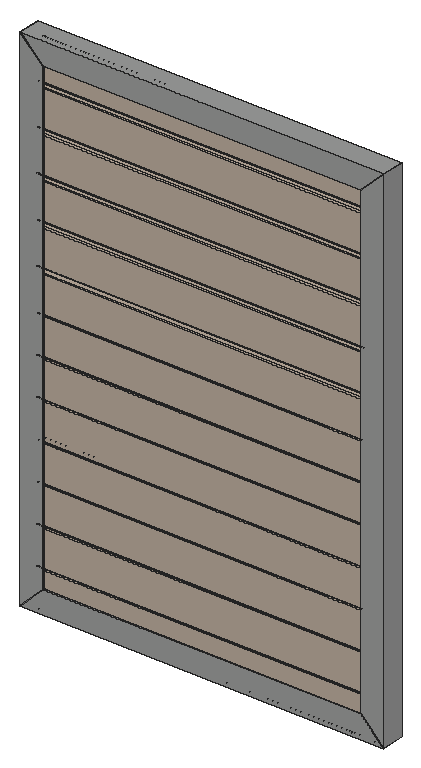
Revit family "PLAYSAFE_ALUMINUM_PLANK_SEMI-PRIVATE_PANEL", category Specialty Equipment, Revit 2026
Family settings
  Round Connector Dimension = Use Diameter
  Part Type = Normal
  Classification Number = 23.55.00.00
  Work Plane-Based = No
  Enable Cutting in Views = No
  Always vertical = No
  Cut with Voids When Loaded = No
  Maintain Annotation Orientation = No
  Shared = No
  Room Calculation Point = No
Parameters (values of type "Assembly")
  Width [instance] = if(Desired Overall Width < 4' 0", 4' 0", if(Desired Overall Width > 5' 0", 5' 0", Desired Overall Width))  # 4' - 0"
  Warranty URL = "https://palmshieldlouvers.com/wp-content/uploads/2020/01/PalmSHIELD-Warranty-NO-SIGN-LINE.pdf"
  Version = "2020 - v1.0a"  # constant formula
  URL = "https://palmshieldlouvers.com/"
  Product Page URL = "https://palmshieldlouvers.com/products/playsafe-semi-private/"
  Product Documentation Link = "https://palmshieldlouvers.com/wp-content/uploads/2022/05/PalmSHIELD-PlaySAFE-Semi-Private-Aluminum-Architectural-Screening-Specifications.doc"
  Offset From Surface = 0' - 2"  # constant formula
  Model = "Playsafe Semi Private - Aluminum"  # constant formula
  Frame Thickness [instance] = 0' - 0 1/4"  # constant formula
  Frame Finish = Metal - PalmSHIELD - Dusty Grey
  Manufacturer Phone Number = "531-329-4406 "  # constant formula
  Manufacturer Email = "mailto: info@palmshieldlouvers.com"
  Manufacturer Address = "12330 Cary Circle, La Vista, NE 68128"  # constant formula
  Manufacturer = "PalmSHIELD"  # constant formula
  Panel Finish = Metal - PalmSHIELD - Grey Beige
  Keynote = "05 10 00"
  Instruction Sheet Link = "https://palmshieldlouvers.com/wp-content/uploads/2020/01/PalmSHIELD-Post-Panel-Gate-Installation-Instructions-REV-1.pdf"
  ID [instance] = "Not Assigned"
  Height [instance] = if(C Prelim Height < C Min Height Calculated, C Min Height Calculated, if(C Prelim Height > C Max Height Calculated, C Max Height Calculated, if(C Prelim Height > 12' 0", 12' 0", C Prelim Height)))  # 5' - 10"
  Desired Overall Width [instance] = 4' - 0"
  Desired Overall Height [instance] = 6' - 0"
  Desired Bottom Angle [instance] = 0.00°
  Description = "Playsafe Semi Private - Aluminum - Panel Assembly"  # constant formula
  Default Elevation = 0' - 0"
  Copyright = "Copyright ©2024 The American Fence Company and PalmSHIELD. All Rights Reserved."  # constant formula
  Component Vis [instance] = yes
  Component Name [instance] = "Playsafe Semi Private - Aluminum - Panel Assembly"  # constant formula
  C Solid Infill Real Height [instance] = Frame Thickness + C Solid Infill Add Height + Offset From Surface + C Solid Infill Count * C Louver Height  # 3' - 1 1/4"
  C Solid Infill Minimum Height [instance] = 3' 0" - C Louver Height  # 2' - 7"
  C Solid Infill Height [instance] = C Louver Height * rounddown(((C Solid Infill Minimum Height - Offset From Surface) / C Louver Height))  # 2' - 1"
  C Solid Infill Count [instance] = if(C Solid Infill Height < C Solid Infill Minimum Height - Offset From Surface, ((C Solid Infill Minimum Height - Offset From Surface) / C Louver Height) + 1, ((C Solid Infill Minimum Height - Offset From Surface) / C Louver Height))  # 7
  C Solid Infill Add Height [instance] = if(C Hip * sin(C Slope Angle) < 0' 0", 0' 0", C Hip * sin(C Slope Angle))  # 0' - 0"
  C Slope Angle [instance] = if(Desired Bottom Angle > 10.00°, 10.00°, if(Desired Bottom Angle < -10.00°, -10.00°, Desired Bottom Angle))  # 0.00°
  C Prelim Height [instance] = if(Desired Overall Height < 4' 0", 4' 0", if(Desired Overall Height > 12' 0", 12' 0", Desired Overall Height))  # 6' - 0"
  C Min Width [instance] = 4' - 0"  # constant formula
  C Min Height Calculated [instance] = C Solid Infill Real Height + C Louver Count Final * C Louver Height + Frame Thickness  # 5' - 7 1/2"
  C Min Height [instance] = C Min Width  # 4' - 0"
  C Max Width [instance] = 5' - 0"  # constant formula
  C Max Height Calculated [instance] = C Solid Infill Real Height + C Louver Count Final * C Louver Height + Frame Thickness + (C Louver Count Final - 1) * C Louver Separation  # 5' - 10"
  C Max Height [instance] = 10' - 0"  # constant formula
  C Louver Separation [instance] = 0' - 0 1/2"  # constant formula
  C Louver Height Real [instance] = C Prelim Height - C Solid Infill Real Height - Frame Thickness  # 2' - 10 1/2"
  C Louver Height [instance] = 0' - 5"  # constant formula
  C Louver Count Final [instance] = if(C Louver Count Check < 0' 0", C Louver Count - 1, if(C Louver Count Check > C Louver Separation, C Louver Count + 1, C Louver Count))  # 6
  C Louver Count Check [instance] = ((C Louver Height Real - Frame Thickness) - (C Louver Count * C Louver Height)) / (C Louver Count - 1)  # -0' - 0 1/8"
  C Louver Count [instance] = roundup(C Louver Height Real / (C Louver Height + (C Louver Separation / 1)))  # 7
  C Hip [instance] = Width / cos(C Slope Angle)  # 4' - 0"
  Assembly Code = "F1020100"
Reference planes (in)
  plane 1 "Center (Front/Back)": y = 0
  plane 2: z = 0
  plane 3 "Center (Left/Right)": x = 0
  plane 4: z = 70
  plane 5: x = 48
  plane 6: y = 3
  plane 7: y = 1.5
Lines and regions (in)
  reference lines
    curve 1: line (48, 0, 94.95698) -> (48, 0, -11)
    curve 2: line (-20.8931, 0, 72) -> (71.1069, 0, 72)
Dimensions and locks (in)
  "Desired Overall Height": curve 2 to level
  "Desired Overall Width": curve 1 to plane 3 "Center (Left/Right)"
  "Height": plane 4 to level
  "Width": plane 5 to plane 3 "Center (Left/Right)"
  equal spacing: plane 1 "Center (Front/Back)", plane 7, plane 6
  aligned and locked: plane 2 to level
Automatic sketch dimensions
  curve 2 to plane 3 "Center (Left/Right)" = 1' - 8.8931"
  plane 5 to curve 2 = 1' - 11.1069"
  curve 1 to level = 0' - 11"
  plane 4 to curve 1 = 2' - 0.95698"
Nested families (in)
  nested 1: "Screening-Louver-Assembly-Panel-Palmshield-Playsafe-Semi_Private-Aluminum" at (0, 0, 0), Desired Overall Height <- "Desired Overall Height", Desired Overall Width <- "Desired Overall Width", ID <- "ID", Component Vis <- "Component Vis", Desired Bottom Angle <- "C Slope Angle", type "Assembly"
    with Width 4' - 0", Louver Length 3' - 8", ID "Not Assigned", Height 5' - 10", Desired Overall Width 4' - 0", Desired Overall Height 6' - 0", Desired Bottom Angle 0.00°, Component Vis yes, Component Name "Playsafe Semi Private - Panel Assembly", C Top Post Length 4' - 0", C Straight Corner Angle 45.00°, C Solid Infill Real Height 3' - 1 1/4", C Solid Infill Minum Height 2' - 7", C Solid Infill Height 2' - 1", C Solid Infill Count 7, C Solid Infill Add Height 0' - 0", C Slope Angle 0.00°, C Side Frame Width 0' - 3", C Side Adjustment 0' - 0", C Rib Thickness Bottom Offset 0' - 0 1/4", C Rib Bottom Side Offset 0' - 0", C Prelim Max Height 5' - 10", C Prelim Height 6' - 0", C Pos Angle 0.00°, C Min Panel Height 5' - 7 1/2", C Louver Separation Actual 0' - 0 1/2", C Louver Separation -0' - 0.07143", C Louver Offset 0' - 3", C Louver Length 3' - 8", C Louver Height Real 2' - 10 1/2", C Louver Height 0' - 5", C Louver Count Final 6, C Louver Count Check -0' - 0 1/8", C Louver Count 7, C Hip 4' - 0", C Frame Offset 0' - 2", C Corner Offset 0' - 3", C B-Side Post Length 5' - 10", C B-Side Angle 45.00°, C Angle 90.00°, C A-Side Post Length 5' - 10", C A-Side Angle 45.00°
  nested 2: "Nested_Component-L_Frame-Palmshield-Playsafe-Semi_Private-Aluminum" at (0, 0, 70) x (0, 1, 0) z (1, 0, 0), type "AL L3" X 3" X 1/4""
    with Material Metal - PalmSHIELD - Dusty Grey, Length 5' - 8", ID "Not Assigned", Component Name "Playsafe Semi Private - Aluminum - L Frame", B-Side Cut Angle 45.00°, A-Side Cut Angle 45.00°
  nested 3: "Nested_Component-L_Frame-Palmshield-Playsafe-Semi_Private-Aluminum" at (48, 0, 2) x (0, 1, 0) z (-1, 0, 0), type "AL L3" X 3" X 1/4""
    with Material Metal - PalmSHIELD - Dusty Grey, Length 5' - 8", ID "Not Assigned", Component Name "Playsafe Semi Private - Aluminum - L Frame", B-Side Cut Angle 45.00°, A-Side Cut Angle 45.00°
  nested 4: "Nested_Component-L_Frame-Palmshield-Playsafe-Semi_Private-Aluminum" at (48, 0, 70) x (0, 1, 0) z (0, 0, -1), type "AL L3" X 3" X 1/4""
    with Material Metal - PalmSHIELD - Dusty Grey, Length 4' - 0", ID "Not Assigned", Component Name "Playsafe Semi Private - Aluminum - L Frame", B-Side Cut Angle 45.00°, A-Side Cut Angle 45.00°
  nested 5: "Nested_Component-Louvers-Palmshield-Playsafe-Semi_Private-Aluminum" at (2, 0.75, 53.25) x (0, -1, 0) z (1, 0, 0), type "6063 T6 ALUM 1" X 5""
    with Material Metal - PalmSHIELD - Grey Beige, Length 3' - 8", ID "", Component Name "Playsafe Semi-Private - Aluminum - Louvers"
  nested 6: "Nested_Component-Louvers-Palmshield-Playsafe-Semi_Private-Aluminum" at (2, 0.75, 58.75) x (0, -1, 0) z (1, 0, 0), type "6063 T6 ALUM 1" X 5""
    with Material Metal - PalmSHIELD - Grey Beige, Length 3' - 8", ID "", Component Name "Playsafe Semi-Private - Aluminum - Louvers"
  nested 7: "Nested_Component-Louvers-Palmshield-Playsafe-Semi_Private-Aluminum" at (2, 0.75, 64.25) x (0, -1, 0) z (1, 0, 0), type "6063 T6 ALUM 1" X 5""
    with Material Metal - PalmSHIELD - Grey Beige, Length 3' - 8", ID "", Component Name "Playsafe Semi-Private - Aluminum - Louvers"
  nested 8: "Nested_Component-Louvers-Palmshield-Playsafe-Semi_Private-Aluminum" at (2, 0.75, 42.25) x (0, -1, 0) z (1, 0, 0), type "6063 T6 ALUM 1" X 5""
    with Material Metal - PalmSHIELD - Grey Beige, Length 3' - 8", ID "", Component Name "Playsafe Semi-Private - Aluminum - Louvers"
  nested 9: "Nested_Component-Louvers-Palmshield-Playsafe-Semi_Private-Aluminum" at (2, 0.75, 32.25) x (0, 1, 0) z (1, 0, 0), type "6063 T6 ALUM 1" X 5""
    with Material Metal - PalmSHIELD - Grey Beige, Length 3' - 8", ID "", Component Name "Playsafe Semi-Private - Aluminum - Louvers"
  nested 10: "Nested_Component-Louvers-Palmshield-Playsafe-Semi_Private-Aluminum" at (2, 0.75, 27.25) x (0, 1, 0) z (1, 0, 0), type "6063 T6 ALUM 1" X 5""
    with Material Metal - PalmSHIELD - Grey Beige, Length 3' - 8", ID "", Component Name "Playsafe Semi-Private - Aluminum - Louvers"
  nested 11: "Nested_Component-Louvers-Palmshield-Playsafe-Semi_Private-Aluminum" at (2, 0.75, 22.25) x (0, 1, 0) z (1, 0, 0), type "6063 T6 ALUM 1" X 5""
    with Material Metal - PalmSHIELD - Grey Beige, Length 3' - 8", ID "", Component Name "Playsafe Semi-Private - Aluminum - Louvers"
  nested 12: "Nested_Component-Louvers-Palmshield-Playsafe-Semi_Private-Aluminum" at (2, 0.75, 17.25) x (0, 1, 0) z (1, 0, 0), type "6063 T6 ALUM 1" X 5""
    with Material Metal - PalmSHIELD - Grey Beige, Length 3' - 8", ID "", Component Name "Playsafe Semi-Private - Aluminum - Louvers"
  nested 13: "Nested_Component-Louvers-Palmshield-Playsafe-Semi_Private-Aluminum" at (2, 0.75, 12.25) x (0, 1, 0) z (1, 0, 0), type "6063 T6 ALUM 1" X 5""
    with Material Metal - PalmSHIELD - Grey Beige, Length 3' - 8", ID "", Component Name "Playsafe Semi-Private - Aluminum - Louvers"
  nested 14: "Nested_Component-Louvers-Palmshield-Playsafe-Semi_Private-Aluminum" at (2, 0.75, 7.25) x (0, 1, 0) z (1, 0, 0), type "6063 T6 ALUM 1" X 5""
    with Material Metal - PalmSHIELD - Grey Beige, Length 3' - 8", ID "", Component Name "Playsafe Semi-Private - Aluminum - Louvers"
  nested 15: "Nested_Component-Louvers-Palmshield-Playsafe-Semi_Private-Aluminum" at (2, 0.75, 69.75) x (0, -1, 0) z (1, 0, 0), type "6063 T6 ALUM 1" X 5""
    with Material Metal - PalmSHIELD - Grey Beige, Length 3' - 8", ID "", Component Name "Playsafe Semi-Private - Aluminum - Louvers"
  nested 16: "Nested_Component-Louvers-Palmshield-Playsafe-Semi_Private-Aluminum" at (2, 0.75, 2.25) x (0, 1, 0) z (1, 0, 0), type "6063 T6 ALUM 1" X 5""
    with Material Metal - PalmSHIELD - Grey Beige, Length 3' - 8", ID "", Component Name "Playsafe Semi-Private - Aluminum - Louvers"
  nested 17: "Nested_Component-L_Frame-Palmshield-Playsafe-Semi_Private-Aluminum" at (0, 0, 2) x (0, 1, 0) z (0, 0, 1), type "AL L3" X 3" X 1/4""
    with Material Metal - PalmSHIELD - Dusty Grey, Length 4' - 0", ID "Not Assgined", Component Name "Playsafe Semi Private - Aluminum - L Frame", B-Side Cut Angle 45.00°, A-Side Cut Angle 45.00°
  nested 18: "Nested_Component-Louvers-Palmshield-Playsafe-Semi_Private-Aluminum" at (2, 0.75, 47.75) x (0, -1, 0) z (1, 0, 0), type "6063 T6 ALUM 1" X 5""
    with Material Metal - PalmSHIELD - Grey Beige, Length 3' - 8", ID "", Component Name "Playsafe Semi-Private - Aluminum - Louvers"
Definition of nested family "Nested_Component-L_Frame-Palmshield-Playsafe-Semi_Private-Aluminum"
  Parameters (values of type "AL L3" X 3" X 1/4"")
    Width = 0' - 3"  # constant formula
    Warranty URL = "https://palmshieldlouvers.com/wp-content/uploads/2020/01/PalmSHIELD-Warranty-NO-SIGN-LINE.pdf"
    Version = "2020 - v1.0a"  # constant formula
    URL = "https://palmshieldlouvers.com/"
    Thickness = 0' - 0 1/4"  # constant formula
    Product Page URL = "https://palmshieldlouvers.com/products/playsafe-semi-private/"
    Product Documentation Link = "Contact Manufacturer for More Information"
    Model = "Playsafe Semi Private"  # constant formula
    Material [instance] = none
    Manufacturer Phone Number = "531-329-4406 "  # constant formula
    Manufacturer Fax Number = "Consult Manufacturer Website for More Information"  # constant formula
    Manufacturer Email = "mailto: info@palmshieldlouvers.com"
    Manufacturer Address = "12330 Cary Circle, La Vista, NE 68128"  # constant formula
    Manufacturer = "PalmSHIELD"  # constant formula
    Length [instance] = 4' - 4.86713"
    Keynote = "05 10 00"
    Instruction Sheet Link = "https://palmshieldlouvers.com/wp-content/uploads/2020/01/PalmSHIELD-Post-Panel-Gate-Installation-Instructions-REV-1.pdf"
    ID [instance] = ""
    Description = "Playsafe Semi Private - L Frame"  # constant formula
    Default Elevation = 4' - 0"
    Copyright = "Copyright ©2024 The American Fence Company and PalmSHIELD. All Rights Reserved."  # constant formula
    Component Name [instance] = "Playsafe Semi Private - Aluminum - L Frame"  # constant formula
    C Hole Offset = 0' - 1 1/2"  # constant formula
    B-Side Cut Angle [instance] = 45.00°
    Assembly Code = "F1020100"
    A-Side Cut Angle [instance] = 45.00°
  Reference planes (in)
    plane 1 "Center (Front/Back)": y = 0
    plane 2: z = 0
    plane 3 "Center (Left/Right)": x = 0
    plane 4: x = 3
    plane 5: y = -52.86713
    plane 6: z = 3
  Forms (in)
    Extrusion 1, solid
      sketch origin (0, 0, 0) x (1, 0, 0) y (0, 1, 0)
        loop
          line (-48, 48) -> (-48, -48) -> (48, -48) -> (48, 48) -> (-48, 48)
      from 0 to -12
    Sweep 2, solid, material <- "Material"
      path origin (0, 0, 0) x (0, 1, 0) y (0, 0, 1)
        loop
          line (0, 0) -> (-52.86713, 0)
      profile "Profile-Palmshield-L : AL L3" X 3" X 1/4" - 6061-T6" origin (0, -26.43357, 0) x (0, 0, -1) y (1, 0, 0)
        loop
          line (-0.3125, 0.25) -> (-2.875, 0.25)
          arc (-2.875, 0.25) -> (-2.96339, 0.21339) -> (-3, 0.125) r 0.125
          line (-3, 0.125) -> (-3, 0) -> (0, 0) -> (0, 3) -> (-0.125, 3)
          arc (-0.125, 3) -> (-0.21339, 2.96339) -> (-0.25, 2.875) r 0.125
          line (-0.25, 2.875) -> (-0.25, 0.3125)
          arc (-0.25, 0.3125) -> (-0.26831, 0.26831) -> (-0.3125, 0.25) r 0.0625
    Extrusion 3, void
      sketch origin (0, 0, 0) x (0, 1, 0) y (0, 0, 1)
        loop
          line (-3, 3) -> (0, 0) -> (4.7449, 0) -> (4.7449, 3) -> (-3, 3)
        loop
          line (-57.61203, 3) -> (-57.61203, 0) -> (-52.86713, 0) -> (-49.86713, 3) -> (-57.61203, 3)
      from 0 to 3
  Cuts and joins
    Extrusion 3 cuts Sweep 2
  Dimensions and locks (in)
    "Width": plane 3 "Center (Left/Right)" to plane 4
    "Length": plane 1 "Center (Front/Back)" to plane 5
    "Width": plane 6 to plane 2
    locked: Extrusion 3 sketch curve to plane 1 "Center (Front/Back)" at 4.7449
    locked: plane 5 to Extrusion 3 sketch curve at 4.7449
    "B-Side Cut Angle": angle Extrusion 3 sketch curve to plane 1 "Center (Front/Back)"
    "A-Side Cut Angle": angle plane 5 to Extrusion 3 sketch curve
    aligned and locked: plane 2 to Extrusion 1
    aligned and locked: level to Extrusion 1
    aligned and locked: plane 1 "Center (Front/Back)" to Sweep 2 sketch curve
    aligned and locked: plane 5 to Sweep 2 sketch curve
    aligned and locked: Extrusion 3 sketch curve to plane 6
    aligned and locked: level to Extrusion 3 sketch curve
    aligned and locked: plane 6 to Extrusion 3 sketch curve
    aligned and locked: Extrusion 3 sketch curve to plane 2
    aligned and locked: plane 1 "Center (Front/Back)" to Extrusion 3 sketch curve
    aligned and locked: plane 2 to Extrusion 3 sketch curve
    aligned and locked: plane 5 to Extrusion 3 sketch curve
    aligned and locked: Extrusion 3 to plane 3 "Center (Left/Right)"
    aligned and locked: Extrusion 3 to plane 4
  Automatic sketch dimensions
    Extrusion 1 sketch curve to Extrusion 1 sketch curve = 8' - 0"  (x2)
    Sweep 2 sketch curve to level = 0' - 0"
Definition of nested family "Nested_Component-Louvers-Palmshield-Playsafe-Semi_Private-Aluminum"
  Parameters (values of type "6063 T6 ALUM 1" X 5"")
    Width = if(Constraints = 1, 0' 5", 0' 3")  # 0' - 5"
    Warranty URL = "https://palmshieldlouvers.com/wp-content/uploads/2020/01/PalmSHIELD-Warranty-NO-SIGN-LINE.pdf"
    Version = "2020 - v1.0a"  # constant formula
    URL = "https://palmshieldlouvers.com/"
    Thickness = 0' - 1"  # constant formula
    Product Page URL = "https://palmshieldlouvers.com/products/playsafe-semi-private/"
    Product Documentation Link = "Contact Manufacturer for More Information"
    Model = "Playsafe Semi-Private"  # constant formula
    Material [instance] = none
    Manufacturer Phone Number = "531-329-4406 "  # constant formula
    Manufacturer Fax Number = "Consult Manufacturer Website for More Information"  # constant formula
    Manufacturer Email = "mailto: info@palmshieldlouvers.com"
    Manufacturer Address = "12330 Cary Circle, La Vista, NE 68128"  # constant formula
    Manufacturer = "PalmSHIELD"  # constant formula
    Length [instance] = 4' - 4.86713"
    Keynote = "05 10 00"
    Instruction Sheet Link = "https://palmshieldlouvers.com/wp-content/uploads/2020/01/PalmSHIELD-Post-Panel-Gate-Installation-Instructions-REV-1.pdf"
    ID [instance] = ""
    Description = "Playsafe Semi-Private - Louvers"  # constant formula
    Default Elevation = 4' - 0"
    Copyright = "Copyright ©2024 The American Fence Company and PalmSHIELD. All Rights Reserved."  # constant formula
    Constraints = 1
    Component Name [instance] = "Playsafe Semi-Private - Aluminum - Louvers"  # constant formula
    Assembly Code = "F1020100"
  Reference planes (in)
    plane 1 "Center (Front/Back)": y = 0
    plane 2: z = 0
    plane 3 "Center (Left/Right)": x = 0
    plane 4: z = 52.86713
    plane 5: y = 5
  Forms (in)
    Extrusion 1, solid
      sketch origin (0, 0, 0) x (1, 0, 0) y (0, 1, 0)
        loop
          line (-48, 48) -> (-48, -48) -> (48, -48) -> (48, 48) -> (-48, 48)
      from 0 to -12
    Sweep 2, solid, material <- "Material"
      path origin (0, 0, 0) x (0, 1, 0) y (0, 0, 1)
        loop
          line (0, 0) -> (0, 52.86713)
      profile "Profile-Palmshield-Louver : Default" origin (0, 0, 26.43357) x (0, -1, 0) y (1, 0, 0)
        loop
          line (-0.125, 0.4375) -> (-4.875, 0.4375)
          arc (-4.875, 0.4375) -> (-4.91919, 0.41919) -> (-4.9375, 0.375) r 0.0625
          line (-4.9375, 0.375) -> (-4.9375, -0.375)
          arc (-4.9375, -0.375) -> (-4.91919, -0.41919) -> (-4.875, -0.4375) r 0.0625
          line (-4.875, -0.4375) -> (-0.125, -0.4375)
          arc (-0.125, -0.4375) -> (-0.08081, -0.41919) -> (-0.0625, -0.375) r 0.0625
          line (-0.0625, -0.375) -> (-0.0625, 0.375)
          arc (-0.0625, 0.375) -> (-0.08081, 0.41919) -> (-0.125, 0.4375) r 0.0625
        loop
          line (-5, 0.375) -> (-5, -0.375)
          arc (-5, -0.375) -> (-4.96339, -0.46339) -> (-4.875, -0.5) r 0.125
          line (-4.875, -0.5) -> (-0.125, -0.5)
          arc (-0.125, -0.5) -> (-0.03661, -0.46339) -> (0, -0.375) r 0.125
          line (0, -0.375) -> (0, 0.375)
          arc (0, 0.375) -> (-0.03661, 0.46339) -> (-0.125, 0.5) r 0.125
          line (-0.125, 0.5) -> (-4.875, 0.5)
          arc (-4.875, 0.5) -> (-4.96339, 0.46339) -> (-5, 0.375) r 0.125
  Dimensions and locks (in)
    "Length": plane 4 to plane 2
    aligned and locked: plane 2 to Extrusion 1
    aligned and locked: level to Extrusion 1
    aligned and locked: plane 1 "Center (Front/Back)" to Sweep 2 sketch curve
    aligned and locked: plane 4 to Sweep 2 sketch curve
  Automatic sketch dimensions
    Extrusion 1 sketch curve to Extrusion 1 sketch curve = 8' - 0"  (x2)
    Sweep 2 sketch curve to level = 0' - 0"
Definition of nested family "Screening-Louver-Assembly-Panel-Palmshield-Playsafe-Semi_Private-Aluminum"
  Parameters (values of type "Assembly")
    Width [instance] = if(Desired Overall Width < 4' 0", 4' 0", if(Desired Overall Width > 5' 0", 5' 0", Desired Overall Width))  # 4' - 0"
    Warranty URL = "https://palmshieldlouvers.com/wp-content/uploads/2020/01/PalmSHIELD-Warranty-NO-SIGN-LINE.pdf"
    Version = "2020 - v1.0a"  # constant formula
    URL = "https://palmshieldlouvers.com/"
    Offset From Surface = 0' - 2"  # constant formula
    Material Note = "For More Panel Finish Options, Please Contact the Manufacturer"  # constant formula
    Louver Separation = 0' - 0 1/2"  # constant formula
    Product Page URL = "https://palmshieldlouvers.com/products/augustus-solid/"
    Product Documentation Link = "https://palmshieldlouvers.com/wp-content/uploads/2020/05/PalmSHIELD-Solid-Composite-Technical-Data-Sheet.pdf"
    Model = "Playsafe Semi Private"  # constant formula
    Manufacturer Phone Number = "531-329-4406 "  # constant formula
    Manufacturer Fax Number = "Consult Manufacturer Website for More Information"  # constant formula
    Manufacturer Email = "mailto: info@palmshieldlouvers.com"
    Manufacturer Address = "12330 Cary Circle, La Vista, NE 68128"  # constant formula
    Manufacturer = "PalmSHIELD"  # constant formula
    Louver Length [instance] = Width - 2 * C Side Frame Width + 0' 2"  # 3' - 8"
    Louver Finish = none
    Keynote = "05 10 00"
    Instruction Sheet Link = "https://palmshieldlouvers.com/wp-content/uploads/2020/01/PalmSHIELD-Post-Panel-Gate-Installation-Instructions-REV-1.pdf"
    ID [instance] = "Not Assigned"
    Height [instance] = if(C Prelim Height < C Min Panel Height, C Min Panel Height, if(C Prelim Height > C Prelim Max Height, C Prelim Max Height, if(C Prelim Height > 12' 0", 12' 0", C Prelim Height)))  # 4' - 11"
    Frame Width = 0' - 3"  # constant formula
    Frame Thickness = 0' - 0 1/4"  # constant formula
    Frame Finish = none
    Desired Overall Width [instance] = 4' - 0"
    Desired Overall Height [instance] = 5' - 0"
    Description = "Playsafe Semi Private - Panel Assembly"  # constant formula
    Default Elevation = 0' - 0"
    Copyright = "Copyright ©2024 The American Fence Company and PalmSHIELD. All Rights Reserved."  # constant formula
    Component Vis [instance] = yes
    Component Name [instance] = "Playsafe Semi Private - Panel Assembly"  # constant formula
    C Top Post Length [instance] = Width  # 4' - 0"
    C Straight Corner Angle [instance] = 45.00°  # constant formula
    C Solid Infill Real Height [instance] = Frame Thickness + C Solid Infill Add Height + Offset From Surface + C Solid Infill Count * C Louver Height  # 3' - 1 1/4"
    C Solid Infill Minum Height [instance] = 3' 0" - C Louver Height  # 2' - 7"
    C Solid Infill Height [instance] = C Louver Height * rounddown(((C Solid Infill Minum Height - Offset From Surface) / C Louver Height))  # 2' - 1"
    C Solid Infill Count [instance] = if(C Solid Infill Height < C Solid Infill Minum Height - Offset From Surface, ((C Solid Infill Minum Height - Offset From Surface) / C Louver Height) + 1, ((C Solid Infill Minum Height - Offset From Surface) / C Louver Height))  # 7
    C Solid Infill Add Height [instance] = if(C Hip * sin(C Slope Angle) < 0' 0", 0' 0", C Hip * sin(C Slope Angle))  # 0' - 0"
    C Slope Angle [instance] = if(Desired Bottom Angle < -25.00°, 25.00°, if(Desired Bottom Angle > 25.00°, 25.00°, Desired Bottom Angle))  # 0.00°
    C Side Frame Width [instance] = 0' - 3"  # constant formula
    C Rib Thickness Bottom Offset [instance] = Frame Thickness * cos(C Slope Angle)  # 0' - 0 1/4"
    C Rib Bottom Side Offset [instance] = if(C Slope Angle < 0.00°, -Frame Thickness * sin(C Slope Angle), Frame Thickness * sin(C Slope Angle))  # 0' - 0"
    C Prelim Max Height [instance] = C Solid Infill Real Height + C Louver Count Final * C Louver Height + Frame Thickness + (C Louver Count Final - 1) * Louver Separation  # 4' - 11"
    C Prelim Height [instance] = if(Desired Overall Height < 4' 0", 4' 0", if(Desired Overall Height > 12' 0", 12' 0", Desired Overall Height))  # 5' - 0"
    C Pos Angle [instance] = if(Desired Bottom Angle < 0.00°, 0.00°, if(Desired Bottom Angle > 25.00°, 25.00°, Desired Bottom Angle))  # 0.00°
    C Min Panel Height [instance] = C Solid Infill Real Height + C Louver Count Final * C Louver Height + Frame Thickness  # 4' - 9 1/2"
    C Louver Separation Actual [instance] = ((Height - C Solid Infill Real Height - C Louver Count Final * C Louver Height - Frame Thickness) / (C Louver Count Final - 1))  # 0' - 0 1/2"
    C Louver Separation [instance] = (C Louver Height Real - (0' 5" * C Louver Count)) / (C Louver Count)  # -0' - 0 1/2"
    C Louver Overlap = 0' - 0 5/8"  # constant formula
    C Louver Offset [instance] = if(C Side Adjustment < 0' 0", -C Side Adjustment + (Frame Width / sin([C A-Side Angle])) * cos([C A-Side Angle]), Frame Width)  # 0' - 3"
    C Louver Length [instance] = Width - C Frame Offset * 2  # 3' - 8"
    C Louver Height Real [instance] = C Prelim Height - C Solid Infill Real Height - Frame Thickness  # 1' - 10 1/2"
    C Louver Height [instance] = 0' - 5"  # constant formula
    C Louver Count Final [instance] = if(C Louver Count Check < 0' 0", C Louver Count - 1, if(C Louver Count Check > Louver Separation, C Louver Count + 1, C Louver Count))  # 4
    C Louver Count Check [instance] = ((C Louver Height Real - Frame Thickness) - (C Louver Count * C Louver Height)) / (C Louver Count - 1)  # -0' - 0 11/16"
    C Louver Count [instance] = roundup(C Louver Height Real / (C Louver Height + (Louver Separation / 1)))  # 5
    C Hip [instance] = Width / cos(C Slope Angle)  # 4' - 0"
    C Side Adjustment [instance] = -C Hip * sin(C Slope Angle)  # 0' - 0"
    C Frame Offset [instance] = 0' - 2"  # constant formula
    C Corner Offset [instance] = if(C Slope Angle > 0.00°, Frame Width / sin([C A-Side Angle]) * cos([C A-Side Angle]), if(C Slope Angle < 0.00°, Frame Width / sin([C A-Side Angle]) * cos([C A-Side Angle]), 0' 3"))  # 0' - 3"
    C B-Side Post Length [instance] = Height + C Side Adjustment  # 4' - 11"
    C B-Side Angle [instance] = (90.00° - C Slope Angle) / 2  # 45.00°
    C Angle [instance] = if(C Slope Angle < -25.00°, 90.00° - 25.00°, if(C Slope Angle > 25.00°, 90.00° + 25.00°, 90.00° - C Slope Angle))  # 90.00°
    Desired Bottom Angle [instance] = 0.00°
    C A-Side Post Length [instance] = Height  # 4' - 11"
    C A-Side Angle [instance] = (90.00° + C Slope Angle) / 2  # 45.00°
    Assembly Code = "F1020100"
  Reference planes (in)
    plane 1 "Center (Front/Back)": y = 0
    plane 2: z = 0
    plane 3 "Side A": x = 0
    plane 4 "Top": z = 59
    plane 5 "Side B": x = 48
    plane 6: z = 2
    plane 7: x = 0.25
    plane 8: x = 47.75
    plane 9: z = 56
    plane 10: z = 56.625
    plane 11: y = 0.25
    plane 12: y = 1.125
    plane 13: z = 58.75
    plane 14: z = 2.25
    plane 15 "Frame": x = 2
    plane 16 "Back": y = 3
    plane 17: y = 1.5
    plane 18: x = 24
    plane 19: x = 46
  Forms (in)
    Extrusion 1, solid
      sketch origin (0, 0, 0) x (1, 0, 0) y (0, 1, 0)
        loop
          line (-48, 48) -> (-48, -48) -> (48, -48) -> (48, 48) -> (-48, 48)
      from 0 to -12
  Lines and regions (in)
    reference lines
      curve 1: line (-35.97106, 0, 60) -> (73.62092, 0, 60)
      curve 2: line (-8.96696, 0, 37.25) -> (67.48031, 0, 37.25)
      curve 3: line (0, 0, 2) -> (48, 0, 2)
      curve 4: line (0, 0, 2) -> (0, 0, 2.66199)
      curve 5: line (0, 0, 2.25) -> (48, 0, 2.25)
      curve 6: line (48, 3, 60.88691) -> (48, 3, -13.61899)
      curve 7: line (48, 0, 2) -> (47.0625, 0, 2)
      curve 8: line (48, 0, 2.25) -> (47.0625, 0, 2.25)
  Dimensions and locks (in)
    "Width": plane 5 "Side B" to plane 3 "Side A"
    "Offset From Surface": plane 6 to Extrusion 1
    "Frame Thickness": plane 7 to plane 3 "Side A"
    "Frame Thickness": plane 5 "Side B" to plane 8
    "Frame Width": plane 4 "Top" to plane 9
    "C Louver Overlap": plane 10 to plane 9
    "Frame Thickness": plane 11 to plane 1 "Center (Front/Back)"
    plane 3 "Side A" to plane 5 "Side B" = 4' - 0"
    "Frame Thickness": plane 4 "Top" to plane 13
    "C Rib Thickness Bottom Offset": plane 14 to plane 6
    "C Frame Offset": plane 15 "Frame" to plane 3 "Side A"
    "Frame Width": plane 1 "Center (Front/Back)" to plane 16 "Back"
    equal spacing: plane 1 "Center (Front/Back)", plane 17, plane 16 "Back"
    equal spacing: plane 5 "Side B", plane 18, plane 3 "Side A"
    "C Frame Offset": plane 5 "Side B" to plane 19
    equal spacing: group 1, group 2, group 3, group 4, group 5, group 6, group 7  (x3)
    "C Solid Infill Real Height": curve 2 to plane 2
    equal spacing: group 8, group 10, group 11, group 9  (x2)
    equal spacing: group 9, group 11, group 10, group 8
    "Desired Overall Width": curve 6 to plane 3 "Side A"
    locked: plane 5 "Side B" to curve 8 at 0.9375
    locked: plane 5 "Side B" to curve 7 at 0.9375
    "C Louver Height": nested 6 to curve 8
    "Desired Overall Height": curve 1 to plane 2
    "Height": plane 4 "Top" to plane 2
    nested 5 to nested 14 = 0' - 0 1/2"
    "C Angle": angle curve 3 to plane 3 "Side A"
    locked: curve 3 to curve 4 (angle 90.00°)
    "C Pos Angle": angle plane 14 to curve 5
    locked: plane 5 "Side B" to curve 8 (angle 90.00°)
    locked: plane 5 "Side B" to curve 7 (angle 90.00°)
    aligned and locked: plane 2 to Extrusion 1
    aligned and locked: level to Extrusion 1
    aligned and locked: nested 1 to plane 1 "Center (Front/Back)"
    aligned and locked: nested 1 to plane 5 "Side B"
    aligned and locked: nested 1 to plane 3 "Side A"
    aligned and locked: nested 2 to plane 4 "Top"
    aligned and locked: nested 2 to plane 6
    aligned and locked: nested 2 to plane 1 "Center (Front/Back)"
    aligned and locked: nested 3 to plane 1 "Center (Front/Back)"
    aligned and locked: plane 4 "Top" to nested 3
    aligned and locked: plane 11 to nested 4
    aligned and locked: plane 13 to nested 5
    aligned and locked: plane 3 "Side A" to curve 3
    aligned and locked: plane 6 to curve 4
    aligned and locked: nested 12 to curve 4
    aligned and locked: plane 14 to curve 5
    aligned and locked: plane 5 "Side B" to curve 5
    aligned and locked: nested 13 to curve 2
    aligned and locked: plane 5 "Side B" to curve 7
    aligned and locked: nested 4 to curve 8
    aligned and locked: nested 3 to curve 7
    aligned and locked: nested 12 to plane 1 "Center (Front/Back)"
  Automatic sketch dimensions
    Extrusion 1 sketch curve to Extrusion 1 sketch curve = 8' - 0"  (x2)
    curve 2 to plane 3 "Side A" = 0' - 8.96696"
    curve 1 to curve 2 = 2' - 3.0041"
    plane 5 "Side B" to curve 2 = 1' - 7.48031"
    curve 2 to curve 1 = 0' - 6.1406"
    curve 6 to level = 1' - 1.61899"
    plane 4 "Top" to curve 6 = 0' - 1.88691"
  Nested families (in)
    nested 1: "Nested_Component-L_Frame-Palmshield-Playsafe-Semi_Private-Aluminum" at (48, 0, 59) x (0, 1, 0) z (0, 0, -1), ID <- "ID", Material <- "Frame Finish", A-Side Cut Angle <- "C Straight Corner Angle", B-Side Cut Angle <- "C Straight Corner Angle", visible <- "Component Vis", type "AL L3" X 3" X 1/4""
      with Material none, Length 4' - 0", ID "Not Assigned", Component Name "Playsafe Semi Private - Aluminum - L Frame", B-Side Cut Angle 45.00°, A-Side Cut Angle 45.00°
    nested 2: "Nested_Component-L_Frame-Palmshield-Playsafe-Semi_Private-Aluminum" at (0, 0, 59) x (0, 1, 0) z (1, 0, 0), ID <- "ID", Material <- "Frame Finish", B-Side Cut Angle <- "C Straight Corner Angle", A-Side Cut Angle <- "C A-Side Angle", visible <- "Component Vis", type "AL L3" X 3" X 1/4""
      with Material none, Length 4' - 9", ID "Not Assigned", Component Name "Playsafe Semi Private - Aluminum - L Frame", B-Side Cut Angle 45.00°, A-Side Cut Angle 45.00°
    nested 3: "Nested_Component-L_Frame-Palmshield-Playsafe-Semi_Private-Aluminum" at (48, 0, 2) x (0, 1, 0) z (-1, 0, 0), ID <- "ID", Material <- "Frame Finish", B-Side Cut Angle <- "C B-Side Angle", A-Side Cut Angle <- "C Straight Corner Angle", visible <- "Component Vis", type "AL L3" X 3" X 1/4""
      with Material none, Length 4' - 9", ID "Not Assigned", Component Name "Playsafe Semi Private - Aluminum - L Frame", B-Side Cut Angle 45.00°, A-Side Cut Angle 45.00°
    nested 4: "Nested_Component-Louvers-Palmshield-Playsafe-Semi_Private-Aluminum" at (2, 0.75, 2.25) x (0, 1, 0) z (1, 0, 0), Length <- "C Louver Length", Material <- "Louver Finish", visible <- "Component Vis", type "6063 T6 ALUM 1" X 5""
      with Material none, Length 3' - 8", ID "", Component Name "Playsafe Semi-Private - Aluminum - Louvers"
    nested 5: "Nested_Component-Louvers-Palmshield-Playsafe-Semi_Private-Aluminum" at (2, 0.75, 58.75) x (0, -1, 0) z (1, 0, 0), Length <- "C Louver Length", Material <- "Louver Finish", visible <- "Component Vis", type "6063 T6 ALUM 1" X 5""
      with Material none, Length 3' - 8", ID "", Component Name "Playsafe Semi-Private - Aluminum - Louvers"
    nested 6: "Nested_Component-Louvers-Palmshield-Playsafe-Semi_Private-Aluminum" at (2, 0.75, 7.25) x (0, 1, 0) z (1, 0, 0), Length <- "C Louver Length", Material <- "Louver Finish", visible <- "Component Vis", type "6063 T6 ALUM 1" X 5""
      with Material none, Length 3' - 8", ID "", Component Name "Playsafe Semi-Private - Aluminum - Louvers"
    nested 7: "Nested_Component-Louvers-Palmshield-Playsafe-Semi_Private-Aluminum" at (2, 0.75, 12.25) x (0, 1, 0) z (1, 0, 0), Length <- "C Louver Length", Material <- "Louver Finish", visible <- "Component Vis", type "6063 T6 ALUM 1" X 5""
      with Material none, Length 3' - 8", ID "", Component Name "Playsafe Semi-Private - Aluminum - Louvers"
    nested 8: "Nested_Component-Louvers-Palmshield-Playsafe-Semi_Private-Aluminum" at (2, 0.75, 17.25) x (0, 1, 0) z (1, 0, 0), Length <- "C Louver Length", Material <- "Louver Finish", visible <- "Component Vis", type "6063 T6 ALUM 1" X 5""
      with Material none, Length 3' - 8", ID "", Component Name "Playsafe Semi-Private - Aluminum - Louvers"
    nested 9: "Nested_Component-Louvers-Palmshield-Playsafe-Semi_Private-Aluminum" at (2, 0.75, 22.25) x (0, 1, 0) z (1, 0, 0), Length <- "C Louver Length", Material <- "Louver Finish", visible <- "Component Vis", type "6063 T6 ALUM 1" X 5""
      with Material none, Length 3' - 8", ID "", Component Name "Playsafe Semi-Private - Aluminum - Louvers"
    nested 10: "Nested_Component-Louvers-Palmshield-Playsafe-Semi_Private-Aluminum" at (2, 0.75, 27.25) x (0, 1, 0) z (1, 0, 0), Length <- "C Louver Length", Material <- "Louver Finish", visible <- "Component Vis", type "6063 T6 ALUM 1" X 5""
      with Material none, Length 3' - 8", ID "", Component Name "Playsafe Semi-Private - Aluminum - Louvers"
    nested 11: "Nested_Component-Louvers-Palmshield-Playsafe-Semi_Private-Aluminum" at (2, 0.75, 32.25) x (0, 1, 0) z (1, 0, 0), Length <- "C Louver Length", Material <- "Louver Finish", visible <- "Component Vis", type "6063 T6 ALUM 1" X 5""
      with Material none, Length 3' - 8", ID "", Component Name "Playsafe Semi-Private - Aluminum - Louvers"
    nested 12: "Nested_Component-L_Frame-Palmshield-Playsafe-Semi_Private-Aluminum" at (0, 0, 2) x (0, 1, 0) z (0, 0, 1), Length <- "C Hip", A-Side Cut Angle <- "C B-Side Angle", B-Side Cut Angle <- "C A-Side Angle", Material <- "Frame Finish", visible <- "Component Vis", type "AL L3" X 3" X 1/4""
      with Material none, Length 4' - 0", ID "Not Assgined", Component Name "Playsafe Semi Private - Aluminum - L Frame", B-Side Cut Angle 45.00°, A-Side Cut Angle 45.00°
    nested 13: "Nested_Component-Louvers-Palmshield-Playsafe-Semi_Private-Aluminum" at (2, 0.75, 42.25) x (0, -1, 0) z (1, 0, 0), Length <- "C Louver Length", Material <- "Louver Finish", visible <- "Component Vis", type "6063 T6 ALUM 1" X 5""
      with Material none, Length 3' - 8", ID "", Component Name "Playsafe Semi-Private - Aluminum - Louvers"
    nested 14: "Nested_Component-Louvers-Palmshield-Playsafe-Semi_Private-Aluminum" at (2, 0.75, 53.25) x (0, -1, 0) z (1, 0, 0), Length <- "C Louver Length", Material <- "Louver Finish", visible <- "Component Vis", type "6063 T6 ALUM 1" X 5""
      with Material none, Length 3' - 8", ID "", Component Name "Playsafe Semi-Private - Aluminum - Louvers"
    nested 15: "Nested_Component-Louvers-Palmshield-Playsafe-Semi_Private-Aluminum" at (2, 0.75, 47.75) x (0, -1, 0) z (1, 0, 0), Length <- "C Louver Length", Material <- "Louver Finish", visible <- "Component Vis", type "6063 T6 ALUM 1" X 5""
      with Material none, Length 3' - 8", ID "", Component Name "Playsafe Semi-Private - Aluminum - Louvers"
  Definition of nested family "Nested_Component-L_Frame-Palmshield-Playsafe-Semi_Private-Aluminum"
    Parameters (values of type "AL L3" X 3" X 1/4"")
      Width = 0' - 3"  # constant formula
      Warranty URL = "https://palmshieldlouvers.com/wp-content/uploads/2020/01/PalmSHIELD-Warranty-NO-SIGN-LINE.pdf"
      Version = "2020 - v1.0a"  # constant formula
      URL = "https://palmshieldlouvers.com/"
      Thickness = 0' - 0 1/4"  # constant formula
      Product Page URL = "https://palmshieldlouvers.com/products/playsafe-semi-private/"
      Product Documentation Link = "Contact Manufacturer for More Information"
      Model = "Playsafe Semi Private"  # constant formula
      Material [instance] = none
      Manufacturer Phone Number = "531-329-4406 "  # constant formula
      Manufacturer Fax Number = "Consult Manufacturer Website for More Information"  # constant formula
      Manufacturer Email = "mailto: info@palmshieldlouvers.com"
      Manufacturer Address = "12330 Cary Circle, La Vista, NE 68128"  # constant formula
      Manufacturer = "PalmSHIELD"  # constant formula
      Length [instance] = 4' - 4.86713"
      Keynote = "05 10 00"
      Instruction Sheet Link = "https://palmshieldlouvers.com/wp-content/uploads/2020/01/PalmSHIELD-Post-Panel-Gate-Installation-Instructions-REV-1.pdf"
      ID [instance] = ""
      Description = "Playsafe Semi Private - L Frame"  # constant formula
      Default Elevation = 4' - 0"
      Copyright = "Copyright ©2024 The American Fence Company and PalmSHIELD. All Rights Reserved."  # constant formula
      Component Name [instance] = "Playsafe Semi Private - Aluminum - L Frame"  # constant formula
      C Hole Offset = 0' - 1 1/2"  # constant formula
      B-Side Cut Angle [instance] = 45.00°
      Assembly Code = "F1020100"
      A-Side Cut Angle [instance] = 45.00°
    Reference planes (in)
      plane 1 "Center (Front/Back)": y = 0
      plane 2: z = 0
      plane 3 "Center (Left/Right)": x = 0
      plane 4: x = 3
      plane 5: y = -52.86713
      plane 6: z = 3
    Forms (in)
      Extrusion 1, solid
        sketch origin (0, 0, 0) x (1, 0, 0) y (0, 1, 0)
          loop
            line (-48, 48) -> (-48, -48) -> (48, -48) -> (48, 48) -> (-48, 48)
        from 0 to -12
      Sweep 2, solid, material <- "Material"
        path origin (0, 0, 0) x (0, 1, 0) y (0, 0, 1)
          loop
            line (0, 0) -> (-52.86713, 0)
        profile "Profile-Palmshield-L : AL L3" X 3" X 1/4" - 6061-T6" origin (0, -26.43357, 0) x (0, 0, -1) y (1, 0, 0)
          loop
            line (-0.3125, 0.25) -> (-2.875, 0.25)
            arc (-2.875, 0.25) -> (-2.96339, 0.21339) -> (-3, 0.125) r 0.125
            line (-3, 0.125) -> (-3, 0) -> (0, 0) -> (0, 3) -> (-0.125, 3)
            arc (-0.125, 3) -> (-0.21339, 2.96339) -> (-0.25, 2.875) r 0.125
            line (-0.25, 2.875) -> (-0.25, 0.3125)
            arc (-0.25, 0.3125) -> (-0.26831, 0.26831) -> (-0.3125, 0.25) r 0.0625
      Extrusion 3, void
        sketch origin (0, 0, 0) x (0, 1, 0) y (0, 0, 1)
          loop
            line (-3, 3) -> (0, 0) -> (4.7449, 0) -> (4.7449, 3) -> (-3, 3)
          loop
            line (-57.61203, 3) -> (-57.61203, 0) -> (-52.86713, 0) -> (-49.86713, 3) -> (-57.61203, 3)
        from 0 to 3
    Cuts and joins
      Extrusion 3 cuts Sweep 2
    Dimensions and locks (in)
      "Width": plane 3 "Center (Left/Right)" to plane 4
      "Length": plane 1 "Center (Front/Back)" to plane 5
      "Width": plane 6 to plane 2
      locked: Extrusion 3 sketch curve to plane 1 "Center (Front/Back)" at 4.7449
      locked: plane 5 to Extrusion 3 sketch curve at 4.7449
      "B-Side Cut Angle": angle Extrusion 3 sketch curve to plane 1 "Center (Front/Back)"
      "A-Side Cut Angle": angle plane 5 to Extrusion 3 sketch curve
      aligned and locked: plane 2 to Extrusion 1
      aligned and locked: level to Extrusion 1
      aligned and locked: plane 1 "Center (Front/Back)" to Sweep 2 sketch curve
      aligned and locked: plane 5 to Sweep 2 sketch curve
      aligned and locked: Extrusion 3 sketch curve to plane 6
      aligned and locked: level to Extrusion 3 sketch curve
      aligned and locked: plane 6 to Extrusion 3 sketch curve
      aligned and locked: Extrusion 3 sketch curve to plane 2
      aligned and locked: plane 1 "Center (Front/Back)" to Extrusion 3 sketch curve
      aligned and locked: plane 2 to Extrusion 3 sketch curve
      aligned and locked: plane 5 to Extrusion 3 sketch curve
      aligned and locked: Extrusion 3 to plane 3 "Center (Left/Right)"
      aligned and locked: Extrusion 3 to plane 4
    Automatic sketch dimensions
      Extrusion 1 sketch curve to Extrusion 1 sketch curve = 8' - 0"  (x2)
      Sweep 2 sketch curve to level = 0' - 0"
  Definition of nested family "Nested_Component-Louvers-Palmshield-Playsafe-Semi_Private-Aluminum"
    Parameters (values of type "6063 T6 ALUM 1" X 5"")
      Width = if(Constraints = 1, 0' 5", 0' 3")  # 0' - 5"
      Warranty URL = "https://palmshieldlouvers.com/wp-content/uploads/2020/01/PalmSHIELD-Warranty-NO-SIGN-LINE.pdf"
      Version = "2020 - v1.0a"  # constant formula
      URL = "https://palmshieldlouvers.com/"
      Thickness = 0' - 1"  # constant formula
      Product Page URL = "https://palmshieldlouvers.com/products/playsafe-semi-private/"
      Product Documentation Link = "Contact Manufacturer for More Information"
      Model = "Playsafe Semi-Private"  # constant formula
      Material [instance] = none
      Manufacturer Phone Number = "531-329-4406 "  # constant formula
      Manufacturer Fax Number = "Consult Manufacturer Website for More Information"  # constant formula
      Manufacturer Email = "mailto: info@palmshieldlouvers.com"
      Manufacturer Address = "12330 Cary Circle, La Vista, NE 68128"  # constant formula
      Manufacturer = "PalmSHIELD"  # constant formula
      Length [instance] = 4' - 4.86713"
      Keynote = "05 10 00"
      Instruction Sheet Link = "https://palmshieldlouvers.com/wp-content/uploads/2020/01/PalmSHIELD-Post-Panel-Gate-Installation-Instructions-REV-1.pdf"
      ID [instance] = ""
      Description = "Playsafe Semi-Private - Louvers"  # constant formula
      Default Elevation = 4' - 0"
      Copyright = "Copyright ©2024 The American Fence Company and PalmSHIELD. All Rights Reserved."  # constant formula
      Constraints = 1
      Component Name [instance] = "Playsafe Semi-Private - Aluminum - Louvers"  # constant formula
      Assembly Code = "F1020100"
    Reference planes (in)
      plane 1 "Center (Front/Back)": y = 0
      plane 2: z = 0
      plane 3 "Center (Left/Right)": x = 0
      plane 4: z = 52.86713
      plane 5: y = 5
    Forms (in)
      Extrusion 1, solid
        sketch origin (0, 0, 0) x (1, 0, 0) y (0, 1, 0)
          loop
            line (-48, 48) -> (-48, -48) -> (48, -48) -> (48, 48) -> (-48, 48)
        from 0 to -12
      Sweep 2, solid, material <- "Material"
        path origin (0, 0, 0) x (0, 1, 0) y (0, 0, 1)
          loop
            line (0, 0) -> (0, 52.86713)
        profile "Profile-Palmshield-Louver : Default" origin (0, 0, 26.43357) x (0, -1, 0) y (1, 0, 0)
          loop
            line (-0.125, 0.4375) -> (-4.875, 0.4375)
            arc (-4.875, 0.4375) -> (-4.91919, 0.41919) -> (-4.9375, 0.375) r 0.0625
            line (-4.9375, 0.375) -> (-4.9375, -0.375)
            arc (-4.9375, -0.375) -> (-4.91919, -0.41919) -> (-4.875, -0.4375) r 0.0625
            line (-4.875, -0.4375) -> (-0.125, -0.4375)
            arc (-0.125, -0.4375) -> (-0.08081, -0.41919) -> (-0.0625, -0.375) r 0.0625
            line (-0.0625, -0.375) -> (-0.0625, 0.375)
            arc (-0.0625, 0.375) -> (-0.08081, 0.41919) -> (-0.125, 0.4375) r 0.0625
          loop
            line (-5, 0.375) -> (-5, -0.375)
            arc (-5, -0.375) -> (-4.96339, -0.46339) -> (-4.875, -0.5) r 0.125
            line (-4.875, -0.5) -> (-0.125, -0.5)
            arc (-0.125, -0.5) -> (-0.03661, -0.46339) -> (0, -0.375) r 0.125
            line (0, -0.375) -> (0, 0.375)
            arc (0, 0.375) -> (-0.03661, 0.46339) -> (-0.125, 0.5) r 0.125
            line (-0.125, 0.5) -> (-4.875, 0.5)
            arc (-4.875, 0.5) -> (-4.96339, 0.46339) -> (-5, 0.375) r 0.125
    Dimensions and locks (in)
      "Length": plane 4 to plane 2
      aligned and locked: plane 2 to Extrusion 1
      aligned and locked: level to Extrusion 1
      aligned and locked: plane 1 "Center (Front/Back)" to Sweep 2 sketch curve
      aligned and locked: plane 4 to Sweep 2 sketch curve
    Automatic sketch dimensions
      Extrusion 1 sketch curve to Extrusion 1 sketch curve = 8' - 0"  (x2)
      Sweep 2 sketch curve to level = 0' - 0"
